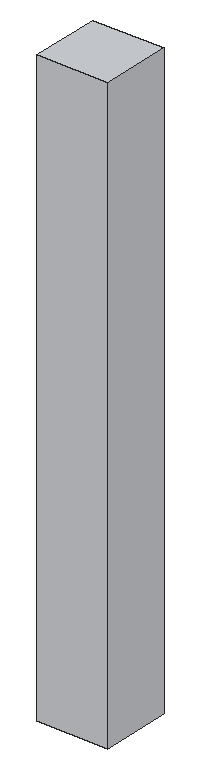
Revit family "7c8836e112f64864a5092c732093b9c6", category Columns, Revit 2020
Family settings
  OmniClass Number = 23.25.30.11.14.11
  OmniClass Title = Columns
  Seek Item ID = Rectangular Column-0000-CAN-ENU
  Cut with Voids When Loaded = No
  Automatically joins geometry to walls = Yes
  Shared = No
  Show family pre-cut in plan views = Yes
Parameters (values of type "457 x 475mm")
  Depth = 475 mm
  Material = none
  Offset Base = 0 mm
  Offset Top = 0 mm
  Width = 475 mm
Types (3, lengths in mm): name | Depth | Width
  475 x 610mm | 475 | 610
  610 x 610mm | 610 | 610
  457 x 475mm | 475 | 475
Reference planes
  plane 1: y = 0
  plane 2: z = 0
  plane 3: x = 0
  plane 4: z = 4000
  plane 5: z = 0
  plane 6: x = -237.5
  plane 7: x = 237.5
  plane 8: y = -237.5
  plane 9: y = 237.5
Forms (mm)
  Extrusion 1, solid, material <- "Material"
    sketch origin (0, 0, 0) x (1, 0, 0) y (0, 1, 0)
      loop
        line (-237.5, 237.5) -> (-237.5, -237.5) -> (237.5, -237.5) -> (237.5, 237.5) -> (-237.5, 237.5)
    from 0 to 4000
Dimensions and locks
  "Offset Base": plane 5 to level
  "Offset Top": level to plane 4
  equal spacing: plane 6, plane 3, plane 7
  "Width": plane 6 to plane 7
  equal spacing: plane 8, plane 1, plane 9
  "Depth": plane 8 to plane 9
  aligned and locked: plane 4 to Extrusion 1
  aligned and locked: Extrusion 1 to plane 5
Automatic sketch dimensions
  Extrusion 1 sketch curve to plane 6 = 0 mm
  Extrusion 1 sketch curve to plane 7 = 0 mm
  Extrusion 1 sketch curve to plane 8 = 0 mm
  Extrusion 1 sketch curve to plane 9 = 0 mm
